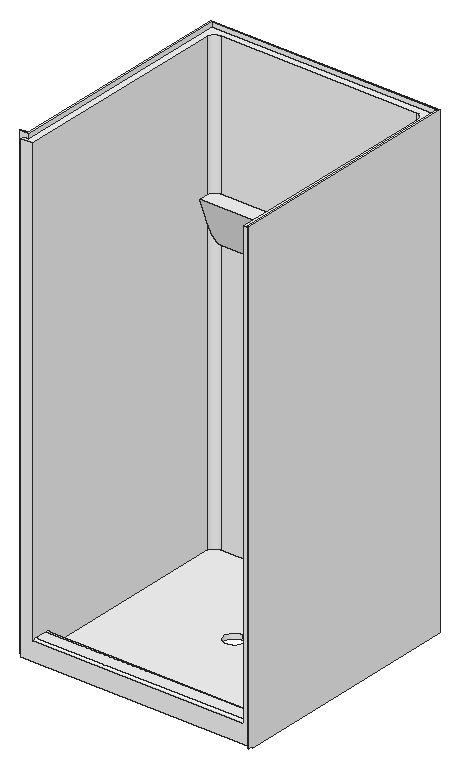
Revit family "13636FHARFR-L", category Plumbing Fixtures, Revit 2021
Family settings
  Round Connector Dimension = Use Diameter
  Part Type = Normal
  OmniClass Number = 23.45.00.00
  OmniClass Title = Sanitary, Laundry, and Cleaning Equipment
  Work Plane-Based = No
  Always vertical = Yes
  Cut with Voids When Loaded = No
  Shared = No
  Room Calculation Point = No
Parameters (values of type "13636FHARFL")
  URL = "http://www.comfortdesignsbathware.com/Swan.cfm"
  Trench drain material = Drain
  Smooth Gelcoat = Gelcoat-Asura-White
  Side Wall Thickness = 1 1/2"
  Seat Level = 18 5/8"
  Seat Finish = Steel-Comfort Designs Bathware-304-Stainless Steel
  S Bar Level = 34 5/8"
  Right Flange = no
  Part Thickness = 1/4"
  OmniClass Title = "Shower Receptors"
  OmniClass Number = "23.45.05.14.11.21"
  Nailing Flange = 3/4"
  Model = "SWB6234TR.75"
  MasterFormat Title = "Commercial Showers"
  MasterFormat Number = "22.42.23"
  Manufacturer = "Comfort Designs"
  Length = 38 1/2"
  Left Flange = yes
  Keynote = "COMPRESSION-MOLDED  SOLID  SURFACE  SHOWER  BASE W/ TRENCH DRAIN"
  Height = 78 1/4"
  Grab Bars = Steel-Comfort Designs Bathware-304-Stainless Steel
  Drain Offset Wall = 19 1/4"
  Drain Offset Side = Center of Shower  # 19 1/4"
  Drain = 3 1/4"
  Description = "62\"W x 33\"D COMPRESSION-MOLDED  SOLID  SURFACE  SHOWER  BASE W/ TRENCH DRAIN"
  Depth = 39 3/8"
  Default Elevation = 0"
  Center of Shower = Length / 2  # 19 1/4"
  Back Wall Thickness = 1 1/2"
  Assembly Code = "D2010710"
Types (3): name | Right Flange | Left Flange
  (no name) | no | yes
  13636FHARFR | yes | no
  13636FHARFL | no | yes
Reference planes (in)
  plane 1 "Baco of unit": y = 0
  plane 2: z = 0
  plane 3 "Center (Left/Right)": x = 0
  plane 4 "flange": y = -39.375
  plane 5 "right wall": x = -19.25
  plane 6 "Left wall": x = 19.25
  plane 7 "Front": y = -1.5
  plane 8 "inside right": x = -17.75
  plane 9 "inside left": x = 17.75
  plane 10: y = -19.25
Forms (in)
  Extrusion 1, solid, material "Gelcoat-Asura-White" <- "Smooth Gelcoat", visible <- "Right Flange", detail levels medium+fine
    sketch origin (0, 0, 0) x (1, 0, 0) y (0, 1, 0)
      loop
        line (-19.25, 0) -> (-19.25, -39.375) -> (-17.75, -39.375) -> (-17.75, -2.75)
        arc (-17.75, -2.75) -> (-17.38388, -1.86612) -> (-16.5, -1.5) r 1.25
        line (-16.5, -1.5) -> (16.5, -1.5)
        arc (16.5, -1.5) -> (17.38388, -1.86612) -> (17.75, -2.75) r 1.25
        line (17.75, -2.75) -> (17.75, -39.375) -> (19.75, -39.375) -> (19.75, -38.6875) -> (20.5, -38.6875) -> (20.5, -38.5) -> (19.25, -38.5) -> (19.25, 0) -> (-19.25, 0)
    from 0 to 78.25 <- "Height"
  Extrusion 2, solid, material "Gelcoat-Asura-White" <- "Smooth Gelcoat", visible <- "Right Flange", detail levels medium+fine
    sketch origin (0, 0, 78.25) x (1, 0, 0) y (0, 1, 0)
      loop
        line (-19.25, 0) -> (-19.25, -40.125) -> (-19, -40.125) -> (-19, -0.25) -> (19, -0.25) -> (19, -38.5) -> (19.25, -38.5) -> (19.25, 0) -> (-19.25, 0)
    from -78 to 0.75 <- "Nailing Flange"
  Extrusion 3, solid, material "Gelcoat-Asura-White" <- "Smooth Gelcoat", visible <- "Left Flange", detail levels medium+fine
    sketch origin (-17.75, -39.375, 0) x (0, 1, 0) y (0, 0, 1)
      loop
        line (0, 0) -> (37.875, 0) -> (37.875, 0.75) -> (5.40265, 0.75)
        arc (5.40265, 0.75) -> (4.28426, 1.09192) -> (3.54828, 2.00079) r 2
        line (3.54828, 2.00079) -> (3.09571, 3.12095)
        arc (3.09571, 3.12095) -> (2.96578, 3.28576) -> (2.76764, 3.35495) r 0.375
        line (2.76764, 3.35495) -> (0.39463, 3.47932)
        arc (0.39463, 3.47932) -> (0.11687, 3.37685) -> (0, 3.10483) r 0.375
        line (0, 3.10483) -> (0, 0)
    from 0 to 35.5
  Extrusion 4, void
    sketch origin (-18, -34, 0.25) x (-1, 0, 0) y (0, 1, 0)
      loop
        circle (-18, 14.75) r 1.625
    from -2.32172 to 3.26772
  Extrusion 5, void
    sketch origin (-17.75, -39.375, 0) x (0, -1, 0) y (1, 0, 0)
      loop
        circle (-20.125, 17.75) r 1.625
    from 7.82293 to -8.58736
  Extrusion 6, solid, material "Gelcoat-Asura-White" <- "Smooth Gelcoat", visible <- "Right Flange", detail levels medium+fine
    sketch origin (0, 0, 78.25) x (1, 0, 0) y (0, 1, 0)
      loop
        line (20.5, -38.5) -> (19, -38.5) -> (19, -38.6875) -> (20.5, -38.6875) -> (20.5, -38.5)
    from 0 to 0.75
  Extrusion 7, solid, material "Gelcoat-Asura-White" <- "Smooth Gelcoat", detail levels medium+fine
    sketch origin (-17.75, -39.375, 4.25) x (0, 1, 0) y (0, 0, 1)
      loop
        line (37.875, 50.25) -> (34.875, 50.25) -> (37.875, 42.43473) -> (37.875, 50.25)
    from 0 to 35.5
  Extrusion 8, solid, visible <- "Right Flange", detail levels coarse
    sketch origin (0, 0, 0) x (1, 0, 0) y (0, 1, 0)
      loop
        line (-19.25, 0) -> (-19.25, -40.125) -> (-19, -40.125) -> (-19, -39.375) -> (19.75, -39.375) -> (19.75, -38.6875) -> (20.5, -38.6875) -> (20.5, -38.5) -> (19.25, -38.5) -> (19.25, 0) -> (-19.25, 0)
    from 0 to 78.25
  Extrusion 9, solid, material "Gelcoat-Asura-White" <- "Smooth Gelcoat", visible <- "Left Flange", detail levels medium+fine
    sketch origin (0, 0, 0) x (-1, 0, 0) y (0, -1, 0)
      loop
        line (-19.25, 0) -> (19.25, 0) -> (19.25, 38.5) -> (20.5, 38.5) -> (20.5, 38.6875) -> (19.75, 38.6875) -> (19.75, 39.375) -> (17.75, 39.375) -> (17.75, 2.75)
        arc (17.75, 2.75) -> (17.38388, 1.86612) -> (16.5, 1.5) r 1.25
        line (16.5, 1.5) -> (-16.5, 1.5)
        arc (-16.5, 1.5) -> (-17.38388, 1.86612) -> (-17.75, 2.75) r 1.25
        line (-17.75, 2.75) -> (-17.75, 39.375) -> (-19.25, 39.375) -> (-19.25, 0)
    from 0 to 78.25 <- "Height"
  Extrusion 10, solid, material "Gelcoat-Asura-White" <- "Smooth Gelcoat", visible <- "Left Flange", detail levels medium+fine
    sketch origin (0, 0, 78.25) x (-1, 0, 0) y (0, -1, 0)
      loop
        line (-19.25, 0) -> (19.25, 0) -> (19.25, 38.5) -> (19, 38.5) -> (19, 0.25) -> (-19, 0.25) -> (-19, 40.125) -> (-19.25, 40.125) -> (-19.25, 0)
    from -78 to 0.75 <- "Nailing Flange"
  Extrusion 11, solid, visible <- "Left Flange", detail levels coarse
    sketch origin (0, 0, 0) x (-1, 0, 0) y (0, -1, 0)
      loop
        line (-19.25, 0) -> (19.25, 0) -> (19.25, 38.5) -> (20.5, 38.5) -> (20.5, 38.6875) -> (19.75, 38.6875) -> (19.75, 39.375) -> (-19, 39.375) -> (-19, 40.125) -> (-19.25, 40.125) -> (-19.25, 0)
    from 0 to 78.25
  Extrusion 12, solid, material "Gelcoat-Asura-White" <- "Smooth Gelcoat", visible <- "Left Flange", detail levels medium+fine
    sketch origin (0, 0, 78.25) x (-1, 0, 0) y (0, -1, 0)
      loop
        line (20.5, 38.5) -> (20.5, 38.6875) -> (19, 38.6875) -> (19, 38.5) -> (20.5, 38.5)
    from 0 to 0.75
  Extrusion 13, solid, material "Gelcoat-Asura-White" <- "Smooth Gelcoat", visible <- "Right Flange", detail levels medium+fine
    sketch origin (17.75, -39.375, 0) x (0, 1, 0) y (0, 0, -1)
      loop
        line (0, 0) -> (0, -3.10483)
        arc (0, -3.10483) -> (0.11687, -3.37685) -> (0.39463, -3.47932) r 0.375
        line (0.39463, -3.47932) -> (2.76764, -3.35495)
        arc (2.76764, -3.35495) -> (2.96578, -3.28576) -> (3.09571, -3.12095) r 0.375
        line (3.09571, -3.12095) -> (3.54828, -2.00079)
        arc (3.54828, -2.00079) -> (4.28426, -1.09192) -> (5.40265, -0.75) r 2
        line (5.40265, -0.75) -> (37.875, -0.75) -> (37.875, 0) -> (0, 0)
    from 0 to 35.5
Cuts and joins
  Extrusion 4 cuts Extrusion 13
  joined: Extrusion 1, Extrusion 2, Extrusion 6, Extrusion 13
  Extrusion 5 cuts Extrusion 3
  joined: Extrusion 3, Extrusion 9, Extrusion 10, Extrusion 12
Lines and regions (in)
  symbolic lines
    curve 1: arc (0, -20.875, 0) -> (1.625, -19.25, 0) -> (0, -17.625, 0) r 1.625
    curve 2: arc (0, -17.625, 0) -> (-1.625, -19.25, 0) -> (0, -20.875, 0) r 1.625
  symbolic lines, style "PlumbingFixturesHiddenLines", detail levels fine
    curve 3: arc (0, -20.875, 0) -> (1.625, -19.25, 0) -> (0, -17.625, 0) r 1.625
    curve 4: arc (0, -17.625, 0) -> (-1.625, -19.25, 0) -> (0, -20.875, 0) r 1.625
Dimensions and locks (in)
  "Depth": plane 4 "flange" to plane 1 "Baco of unit"
  "Length": plane 5 "right wall" to plane 6 "Left wall"
  "Side Wall Thickness": plane 5 "right wall" to plane 8 "inside right"
  "Side Wall Thickness": plane 9 "inside left" to plane 6 "Left wall"
  "Back Wall Thickness": plane 1 "Baco of unit" to plane 7 "Front"
  "Center of Shower": plane 5 "right wall" to plane 3 "Center (Left/Right)"
  "Drain Offset Wall": plane 10 to plane 1 "Baco of unit"
  "Part Thickness": Extrusion 2 sketch curve to Extrusion 1
  "Part Thickness": Extrusion 1 to Extrusion 2 sketch curve  (x2)
  "Drain Offset Wall": Extrusion 2 to Extrusion 4 sketch curve
  "Drain Offset Side": Extrusion 4 sketch curve to Extrusion 2
  "Drain Offset Wall": Extrusion 2 to Extrusion 5 sketch curve
  "Drain Offset Side": Extrusion 2 to Extrusion 5 sketch curve
  locked: Extrusion 7 sketch curve to level at 54.5
  Extrusion 7 sketch curve to Extrusion 7 sketch curve = 3"
  Extrusion 3 sketch curve to level = 3/4"
  "Part Thickness": Extrusion 10 sketch curve to Extrusion 9  (x2)
  "Part Thickness": Extrusion 9 to Extrusion 10 sketch curve
  "Drain": diameter of Extrusion 4 sketch curve
  "Drain": diameter of Extrusion 5 sketch curve
  locked: Extrusion 7 sketch curve to Extrusion 7 sketch curve (angle 21.00°)
  locked: Extrusion 3 sketch curve to Extrusion 3 sketch curve (angle 87.00°)
  angle Extrusion 13 sketch curve to Extrusion 13 sketch curve = 87.00°
  aligned and locked: level to plane 2
  aligned and locked: Extrusion 1 sketch curve to plane 5 "right wall"
  aligned and locked: plane 6 "Left wall" to Extrusion 1 sketch curve
  aligned and locked: plane 1 "Baco of unit" to Extrusion 1 sketch curve
  aligned and locked: plane 4 "flange" to Extrusion 1 sketch curve
  aligned and locked: Extrusion 1 sketch curve to plane 8 "inside right"
  aligned and locked: Extrusion 1 sketch curve to plane 7 "Front"
  aligned and locked: Extrusion 1 sketch curve to plane 9 "inside left"
  aligned and locked: Extrusion 2 sketch curve to Extrusion 1  (x2)
  aligned and locked: Extrusion 1 to Extrusion 2 sketch curve
  aligned and locked: Extrusion 3 sketch curve to Extrusion 1  (x3)
  aligned and locked: Extrusion 3 to Extrusion 1
  aligned and locked: plane 9 "inside left" to Extrusion 7
  aligned and locked: Extrusion 9 to Extrusion 10 sketch curve  (x2)
  aligned and locked: Extrusion 10 sketch curve to Extrusion 9
Automatic sketch dimensions
  curve 1 to curve 2 = 0"  (x2)
  curve 1 to curve 3 = 0"  (x2)
  curve 1 to curve 4 = 0"  (x2)
  curve 2 to curve 3 = 0"  (x2)
  curve 2 to curve 4 = 0"  (x3)
  curve 3 to curve 4 = 0"  (x2)
  curve 1 to plane 3 "Center (Left/Right)" = 0"
  curve 2 to plane 10 = 0"
  curve 4 to plane 10 = 1 5/8"
  Extrusion 2 sketch curve to Extrusion 1 = 0"
  Extrusion 1 to Extrusion 2 sketch curve = 3/4"
  Extrusion 1 to Extrusion 3 sketch curve = 3/8"
  Extrusion 3 sketch curve to Extrusion 3 sketch curve = 0.01963"  (x2)
  Extrusion 3 sketch curve to Extrusion 3 sketch curve = 2.37302"
  Extrusion 3 sketch curve to Extrusion 3 sketch curve = 0.34769"
  Extrusion 1 to Extrusion 3 sketch curve = 2.00079"
  Extrusion 3 sketch curve to Extrusion 3 sketch curve = 0.45257"
  Extrusion 3 sketch curve to Extrusion 3 sketch curve = 1.85437"
  Extrusion 3 sketch curve to Extrusion 3 sketch curve = 0.97968"
  Extrusion 3 sketch curve to Extrusion 3 sketch curve = 0.12436"
  Extrusion 6 sketch curve to Extrusion 1 = 0"  (x3)
  Extrusion 6 sketch curve to Extrusion 1 = 1/4"
  Extrusion 8 sketch curve to plane 5 "right wall" = 0"
  Extrusion 8 sketch curve to plane 4 "flange" = 0"
  plane 1 "Baco of unit" to Extrusion 8 sketch curve = 0"
  Extrusion 8 sketch curve to plane 6 "Left wall" = 0"
  Extrusion 8 sketch curve to plane 5 "right wall" = 1/4"
  Extrusion 8 sketch curve to plane 6 "Left wall" = 1/2"
  Extrusion 8 sketch curve to Extrusion 8 sketch curve = 3/4"
  Extrusion 8 sketch curve to plane 4 "flange" = 3/4"
  plane 4 "flange" to Extrusion 8 sketch curve = 11/16"
  Extrusion 8 sketch curve to Extrusion 8 sketch curve = 3/16"
  Extrusion 10 sketch curve to Extrusion 9 = 0"
  Extrusion 9 to Extrusion 10 sketch curve = 3/4"
  Extrusion 11 sketch curve to plane 6 "Left wall" = 0"
  Extrusion 11 sketch curve to plane 4 "flange" = 0"
  plane 1 "Baco of unit" to Extrusion 11 sketch curve = 0"
  Extrusion 11 sketch curve to plane 5 "right wall" = 0"
  plane 6 "Left wall" to Extrusion 11 sketch curve = 1/4"
  plane 5 "right wall" to Extrusion 11 sketch curve = 1/2"
  Extrusion 11 sketch curve to Extrusion 11 sketch curve = 3/4"
  plane 4 "flange" to Extrusion 11 sketch curve = 7/8"
  Extrusion 11 sketch curve to Extrusion 11 sketch curve = 3/16"
  Extrusion 11 sketch curve to plane 4 "flange" = 3/4"
  Extrusion 12 sketch curve to Extrusion 1 = 0"  (x2)
  Extrusion 12 sketch curve to Extrusion 1 = 1/4"
  Extrusion 1 to Extrusion 12 sketch curve = 1 1/4"
  Extrusion 13 sketch curve to plane 4 "flange" = 0"
  Extrusion 13 sketch curve to level = 0"
  Extrusion 13 sketch curve to plane 7 "Front" = 0"
  Extrusion 13 sketch curve to Extrusion 13 sketch curve = 3/8"
  Extrusion 13 sketch curve to Extrusion 13 sketch curve = 0.01963"  (x2)
  Extrusion 13 sketch curve to Extrusion 13 sketch curve = 2.37302"
  Extrusion 13 sketch curve to Extrusion 13 sketch curve = 0.34769"
  Extrusion 13 sketch curve to Extrusion 13 sketch curve = 0.45257"
  level to Extrusion 13 sketch curve = 3/4"
  Extrusion 13 sketch curve to Extrusion 13 sketch curve = 1.85437"
  level to Extrusion 13 sketch curve = 2.00079"
  Extrusion 13 sketch curve to Extrusion 13 sketch curve = 0.97968"
  Extrusion 13 sketch curve to Extrusion 13 sketch curve = 0.12436"
  plane 1 "Baco of unit" to Extrusion 9 sketch curve = 0"
  Extrusion 9 sketch curve to plane 6 "Left wall" = 0"
  Extrusion 9 sketch curve to plane 4 "flange" = 0"  (x2)
  Extrusion 9 sketch curve to plane 9 "inside left" = 0"
  Extrusion 9 sketch curve to plane 7 "Front" = 0"
  Extrusion 9 sketch curve to plane 8 "inside right" = 0"
  Extrusion 9 sketch curve to plane 5 "right wall" = 0"
  Extrusion 9 sketch curve to plane 7 "Front" = 1 1/4"
  Extrusion 9 sketch curve to plane 8 "inside right" = 1 1/4"
  plane 5 "right wall" to Extrusion 9 sketch curve = 1/2"
  Extrusion 9 sketch curve to Extrusion 9 sketch curve = 3/4"
  plane 4 "flange" to Extrusion 9 sketch curve = 7/8"
  Extrusion 9 sketch curve to Extrusion 9 sketch curve = 3/16"
  Extrusion 1 sketch curve to plane 4 "flange" = 0"
  Extrusion 1 sketch curve to plane 7 "Front" = 1 1/4"  (x2)
  Extrusion 1 sketch curve to plane 6 "Left wall" = 1/2"
  Extrusion 1 sketch curve to Extrusion 1 sketch curve = 3/4"
  Extrusion 1 sketch curve to Extrusion 1 sketch curve = 11/16"
  Extrusion 1 sketch curve to Extrusion 1 sketch curve = 3/16"
  Extrusion 7 sketch curve to Extrusion 1 = 1 3/4"
